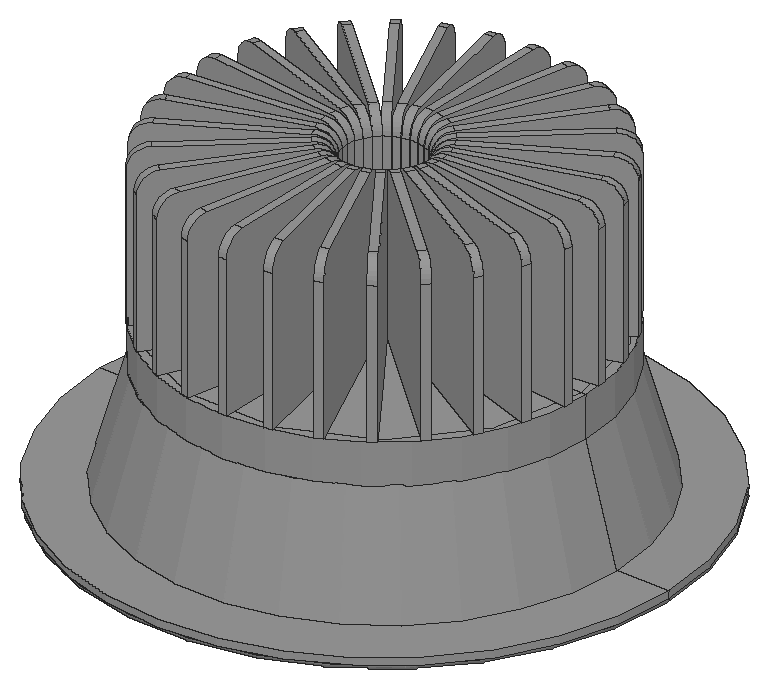
Revit family "WIL2_63_UN_Downlighter_ETK", category Lighting Fixtures, Revit 2017
Family settings
  Round Connector Dimension = Use Diameter
  Part Type = Normal
  OmniClass Number = 23.80.70.11.14.11
  OmniClass Title = Downlights
  Work Plane-Based = No
  Always vertical = Yes
  Cut with Voids When Loaded = No
  Light Source = No
  Shared = No
  Room Calculation Point = Yes
Parameters (values of type "WIL.2403.10 - 18W / 2500lm / 4000K")
  Wattage Comments = "18W"
  Voltage = 230 V
  URL = "https://www.etk.nl/media/wysiwyg/files/WIL.2.pdf"
  Symbol_Waterproof [instance] = no
  Symbol_Emergency Lighting [instance] = no
  Switch Code [instance] = ""
  Model = "WILL.2"
  Manufacturer = "ETK licht B.V."
  Luminaire_Body_Material = PPS Plastic
  Luminaire Code [instance] = ""
  Light Source = WIL.2 - Lightsource : WIL.2403.10 - LED 18W / 2500lm / 4000K
  Lamp = "LED"
  IfcExportType = "USERDEFINED"
  IfcExportAs = "IfcLightFixtureType"
  Description = "Downlighter"
  Copyright © IVLighting = "www.ivlighting.nl"
  Bundle = "70°"
  Assembly Code = "63.0"
  Apparent Load = 18 VA
Reference planes
  plane 1 "Center (Front/Back)": y = 0
  plane 2: z = 0
  plane 3 "Center (Left/Right)": x = 0
Forms (mm)
  Revolve 1, solid, material "PPS Plastic" <- "Luminaire_Body_Material"
    sketch origin (0, 0, 0) x (1, 0, 0) y (0, 0, 1)
      loop
        line (-72.43, 0) -> (-72.43, -1.757)
        arc (-72.43, -1.757) -> (-72.076, -2.612) -> (-71.221, -2.966) r 1.209
        line (-71.221, -2.966) -> (-58.144, -2.966) -> (-58.144, 0) -> (-72.43, 0)
      axis (0, 0) -> (0, -2.966)
    angle from 0 to 360
  Revolve 2, solid, material "PPS Plastic" <- "Luminaire_Body_Material"
    sketch origin (0, 0, 0) x (1, 0, 0) y (0, 0, 1)
      loop
        line (-58.144, 0) -> (-50.587, 26.353) -> (-51.334, 27.511) -> (-59.223, 0) -> (-58.144, 0)
      axis (0, 27.511) -> (0, 0)
    angle from 0 to 360
  Revolve 3, solid, material "PPS Plastic" <- "Luminaire_Body_Material"
    sketch origin (0, 0, 0) x (1, 0, 0) y (0, 0, 1)
      loop
        line (-51.379, 27.353) -> (-50.196, 27.353) -> (-50.196, 36.056) -> (0, 36.056) -> (0, 37.353) -> (-50.196, 37.353) -> (-51.379, 37.353) -> (-51.379, 27.353)
      axis (0, 37.353) -> (0, 27.353)
    angle from 0 to 360
  Extrusion 4, solid, material "PPS Plastic" <- "Luminaire_Body_Material"
    sketch origin (0, 0, 2.151) x (0, 1, 0) y (0, 0, 1)
      loop
        line (46.326, 75.883) -> (14.421, 75.883)
        arc (14.421, 75.883) -> (10.885, 74.419) -> (9.421, 70.883) r 5
        line (9.421, 70.883) -> (9.421, 35.203) -> (51.326, 35.203) -> (51.326, 70.883)
        arc (51.326, 70.883) -> (49.862, 74.419) -> (46.326, 75.883) r 5
    from -1 to 1.018
  Extrusion 5, solid, material "PPS Plastic" <- "Luminaire_Body_Material"
    sketch origin (0, 0, 2.151) x (0.207912, 0.978148, 0) y (0, 0, 1)
      loop
        line (46.326, 75.883) -> (14.421, 75.883)
        arc (14.421, 75.883) -> (10.885, 74.419) -> (9.421, 70.883) r 5
        line (9.421, 70.883) -> (9.421, 35.203) -> (51.326, 35.203) -> (51.326, 70.883)
        arc (51.326, 70.883) -> (49.862, 74.419) -> (46.326, 75.883) r 5
    from -1 to 1.018
  Extrusion 6, solid, material "PPS Plastic" <- "Luminaire_Body_Material"
    sketch origin (0, 0, 2.151) x (0.406737, 0.913545, 0) y (0, 0, 1)
      loop
        line (46.326, 75.883) -> (14.421, 75.883)
        arc (14.421, 75.883) -> (10.885, 74.419) -> (9.421, 70.883) r 5
        line (9.421, 70.883) -> (9.421, 35.203) -> (51.326, 35.203) -> (51.326, 70.883)
        arc (51.326, 70.883) -> (49.862, 74.419) -> (46.326, 75.883) r 5
    from -1 to 1.018
  Extrusion 7, solid, material "PPS Plastic" <- "Luminaire_Body_Material"
    sketch origin (0, 0, 2.151) x (0.587785, 0.809017, 0) y (0, 0, 1)
      loop
        line (46.326, 75.883) -> (14.421, 75.883)
        arc (14.421, 75.883) -> (10.885, 74.419) -> (9.421, 70.883) r 5
        line (9.421, 70.883) -> (9.421, 35.203) -> (51.326, 35.203) -> (51.326, 70.883)
        arc (51.326, 70.883) -> (49.862, 74.419) -> (46.326, 75.883) r 5
    from -1 to 1.018
  Extrusion 8, solid, material "PPS Plastic" <- "Luminaire_Body_Material"
    sketch origin (0, 0, 2.151) x (0.743145, 0.669131, 0) y (0, 0, 1)
      loop
        line (46.326, 75.883) -> (14.421, 75.883)
        arc (14.421, 75.883) -> (10.885, 74.419) -> (9.421, 70.883) r 5
        line (9.421, 70.883) -> (9.421, 35.203) -> (51.326, 35.203) -> (51.326, 70.883)
        arc (51.326, 70.883) -> (49.862, 74.419) -> (46.326, 75.883) r 5
    from -1 to 1.018
  Extrusion 9, solid, material "PPS Plastic" <- "Luminaire_Body_Material"
    sketch origin (0, 0, 2.151) x (0.866025, 0.5, 0) y (0, 0, 1)
      loop
        line (46.326, 75.883) -> (14.421, 75.883)
        arc (14.421, 75.883) -> (10.885, 74.419) -> (9.421, 70.883) r 5
        line (9.421, 70.883) -> (9.421, 35.203) -> (51.326, 35.203) -> (51.326, 70.883)
        arc (51.326, 70.883) -> (49.862, 74.419) -> (46.326, 75.883) r 5
    from -1 to 1.018
  Extrusion 10, solid, material "PPS Plastic" <- "Luminaire_Body_Material"
    sketch origin (0, 0, 2.151) x (0.951057, 0.309017, 0) y (0, 0, 1)
      loop
        line (46.326, 75.883) -> (14.421, 75.883)
        arc (14.421, 75.883) -> (10.885, 74.419) -> (9.421, 70.883) r 5
        line (9.421, 70.883) -> (9.421, 35.203) -> (51.326, 35.203) -> (51.326, 70.883)
        arc (51.326, 70.883) -> (49.862, 74.419) -> (46.326, 75.883) r 5
    from -1 to 1.018
  Extrusion 11, solid, material "PPS Plastic" <- "Luminaire_Body_Material"
    sketch origin (0, 0, 2.151) x (0.994522, 0.104528, 0) y (0, 0, 1)
      loop
        line (46.326, 75.883) -> (14.421, 75.883)
        arc (14.421, 75.883) -> (10.885, 74.419) -> (9.421, 70.883) r 5
        line (9.421, 70.883) -> (9.421, 35.203) -> (51.326, 35.203) -> (51.326, 70.883)
        arc (51.326, 70.883) -> (49.862, 74.419) -> (46.326, 75.883) r 5
    from -1 to 1.018
  Extrusion 12, solid, material "PPS Plastic" <- "Luminaire_Body_Material"
    sketch origin (0, 0, 2.151) x (0.994522, -0.104528, 0) y (0, 0, 1)
      loop
        line (46.326, 75.883) -> (14.421, 75.883)
        arc (14.421, 75.883) -> (10.885, 74.419) -> (9.421, 70.883) r 5
        line (9.421, 70.883) -> (9.421, 35.203) -> (51.326, 35.203) -> (51.326, 70.883)
        arc (51.326, 70.883) -> (49.862, 74.419) -> (46.326, 75.883) r 5
    from -1 to 1.018
  Extrusion 13, solid, material "PPS Plastic" <- "Luminaire_Body_Material"
    sketch origin (0, 0, 2.151) x (0.951057, -0.309017, 0) y (0, 0, 1)
      loop
        line (46.326, 75.883) -> (14.421, 75.883)
        arc (14.421, 75.883) -> (10.885, 74.419) -> (9.421, 70.883) r 5
        line (9.421, 70.883) -> (9.421, 35.203) -> (51.326, 35.203) -> (51.326, 70.883)
        arc (51.326, 70.883) -> (49.862, 74.419) -> (46.326, 75.883) r 5
    from -1 to 1.018
  Extrusion 14, solid, material "PPS Plastic" <- "Luminaire_Body_Material"
    sketch origin (0, 0, 2.151) x (0.866025, -0.5, 0) y (0, 0, 1)
      loop
        line (46.326, 75.883) -> (14.421, 75.883)
        arc (14.421, 75.883) -> (10.885, 74.419) -> (9.421, 70.883) r 5
        line (9.421, 70.883) -> (9.421, 35.203) -> (51.326, 35.203) -> (51.326, 70.883)
        arc (51.326, 70.883) -> (49.862, 74.419) -> (46.326, 75.883) r 5
    from -1 to 1.018
  Extrusion 15, solid, material "PPS Plastic" <- "Luminaire_Body_Material"
    sketch origin (0, 0, 2.151) x (0.743145, -0.669131, 0) y (0, 0, 1)
      loop
        line (46.326, 75.883) -> (14.421, 75.883)
        arc (14.421, 75.883) -> (10.885, 74.419) -> (9.421, 70.883) r 5
        line (9.421, 70.883) -> (9.421, 35.203) -> (51.326, 35.203) -> (51.326, 70.883)
        arc (51.326, 70.883) -> (49.862, 74.419) -> (46.326, 75.883) r 5
    from -1 to 1.018
  Extrusion 16, solid, material "PPS Plastic" <- "Luminaire_Body_Material"
    sketch origin (0, 0, 2.151) x (0.587785, -0.809017, 0) y (0, 0, 1)
      loop
        line (46.326, 75.883) -> (14.421, 75.883)
        arc (14.421, 75.883) -> (10.885, 74.419) -> (9.421, 70.883) r 5
        line (9.421, 70.883) -> (9.421, 35.203) -> (51.326, 35.203) -> (51.326, 70.883)
        arc (51.326, 70.883) -> (49.862, 74.419) -> (46.326, 75.883) r 5
    from -1 to 1.018
  Extrusion 17, solid, material "PPS Plastic" <- "Luminaire_Body_Material"
    sketch origin (0, 0, 2.151) x (0.406737, -0.913545, 0) y (0, 0, 1)
      loop
        line (46.326, 75.883) -> (14.421, 75.883)
        arc (14.421, 75.883) -> (10.885, 74.419) -> (9.421, 70.883) r 5
        line (9.421, 70.883) -> (9.421, 35.203) -> (51.326, 35.203) -> (51.326, 70.883)
        arc (51.326, 70.883) -> (49.862, 74.419) -> (46.326, 75.883) r 5
    from -1 to 1.018
  Extrusion 18, solid, material "PPS Plastic" <- "Luminaire_Body_Material"
    sketch origin (0, 0, 2.151) x (0.207912, -0.978148, 0) y (0, 0, 1)
      loop
        line (46.326, 75.883) -> (14.421, 75.883)
        arc (14.421, 75.883) -> (10.885, 74.419) -> (9.421, 70.883) r 5
        line (9.421, 70.883) -> (9.421, 35.203) -> (51.326, 35.203) -> (51.326, 70.883)
        arc (51.326, 70.883) -> (49.862, 74.419) -> (46.326, 75.883) r 5
    from -1 to 1.018
  Extrusion 19, solid, material "PPS Plastic" <- "Luminaire_Body_Material"
    sketch origin (0, 0, 2.151) x (0, -1, 0) y (0, 0, 1)
      loop
        line (46.326, 75.883) -> (14.421, 75.883)
        arc (14.421, 75.883) -> (10.885, 74.419) -> (9.421, 70.883) r 5
        line (9.421, 70.883) -> (9.421, 35.203) -> (51.326, 35.203) -> (51.326, 70.883)
        arc (51.326, 70.883) -> (49.862, 74.419) -> (46.326, 75.883) r 5
    from -1 to 1.018
  Extrusion 20, solid, material "PPS Plastic" <- "Luminaire_Body_Material"
    sketch origin (0, 0, 2.151) x (-0.207912, -0.978148, 0) y (0, 0, 1)
      loop
        line (46.326, 75.883) -> (14.421, 75.883)
        arc (14.421, 75.883) -> (10.885, 74.419) -> (9.421, 70.883) r 5
        line (9.421, 70.883) -> (9.421, 35.203) -> (51.326, 35.203) -> (51.326, 70.883)
        arc (51.326, 70.883) -> (49.862, 74.419) -> (46.326, 75.883) r 5
    from -1 to 1.018
  Extrusion 21, solid, material "PPS Plastic" <- "Luminaire_Body_Material"
    sketch origin (0, 0, 2.151) x (-0.406737, -0.913545, 0) y (0, 0, 1)
      loop
        line (46.326, 75.883) -> (14.421, 75.883)
        arc (14.421, 75.883) -> (10.885, 74.419) -> (9.421, 70.883) r 5
        line (9.421, 70.883) -> (9.421, 35.203) -> (51.326, 35.203) -> (51.326, 70.883)
        arc (51.326, 70.883) -> (49.862, 74.419) -> (46.326, 75.883) r 5
    from -1 to 1.018
  Extrusion 22, solid, material "PPS Plastic" <- "Luminaire_Body_Material"
    sketch origin (0, 0, 2.151) x (-0.587785, -0.809017, 0) y (0, 0, 1)
      loop
        line (46.326, 75.883) -> (14.421, 75.883)
        arc (14.421, 75.883) -> (10.885, 74.419) -> (9.421, 70.883) r 5
        line (9.421, 70.883) -> (9.421, 35.203) -> (51.326, 35.203) -> (51.326, 70.883)
        arc (51.326, 70.883) -> (49.862, 74.419) -> (46.326, 75.883) r 5
    from -1 to 1.018
  Extrusion 23, solid, material "PPS Plastic" <- "Luminaire_Body_Material"
    sketch origin (0, 0, 2.151) x (-0.743145, -0.669131, 0) y (0, 0, 1)
      loop
        line (46.326, 75.883) -> (14.421, 75.883)
        arc (14.421, 75.883) -> (10.885, 74.419) -> (9.421, 70.883) r 5
        line (9.421, 70.883) -> (9.421, 35.203) -> (51.326, 35.203) -> (51.326, 70.883)
        arc (51.326, 70.883) -> (49.862, 74.419) -> (46.326, 75.883) r 5
    from -1 to 1.018
  Extrusion 24, solid, material "PPS Plastic" <- "Luminaire_Body_Material"
    sketch origin (0, 0, 2.151) x (-0.866025, -0.5, 0) y (0, 0, 1)
      loop
        line (46.326, 75.883) -> (14.421, 75.883)
        arc (14.421, 75.883) -> (10.885, 74.419) -> (9.421, 70.883) r 5
        line (9.421, 70.883) -> (9.421, 35.203) -> (51.326, 35.203) -> (51.326, 70.883)
        arc (51.326, 70.883) -> (49.862, 74.419) -> (46.326, 75.883) r 5
    from -1 to 1.018
  Extrusion 25, solid, material "PPS Plastic" <- "Luminaire_Body_Material"
    sketch origin (0, 0, 2.151) x (-0.951057, -0.309017, 0) y (0, 0, 1)
      loop
        line (46.326, 75.883) -> (14.421, 75.883)
        arc (14.421, 75.883) -> (10.885, 74.419) -> (9.421, 70.883) r 5
        line (9.421, 70.883) -> (9.421, 35.203) -> (51.326, 35.203) -> (51.326, 70.883)
        arc (51.326, 70.883) -> (49.862, 74.419) -> (46.326, 75.883) r 5
    from -1 to 1.018
  Extrusion 26, solid, material "PPS Plastic" <- "Luminaire_Body_Material"
    sketch origin (0, 0, 2.151) x (-0.994522, -0.104528, 0) y (0, 0, 1)
      loop
        line (46.326, 75.883) -> (14.421, 75.883)
        arc (14.421, 75.883) -> (10.885, 74.419) -> (9.421, 70.883) r 5
        line (9.421, 70.883) -> (9.421, 35.203) -> (51.326, 35.203) -> (51.326, 70.883)
        arc (51.326, 70.883) -> (49.862, 74.419) -> (46.326, 75.883) r 5
    from -1 to 1.018
  Extrusion 27, solid, material "PPS Plastic" <- "Luminaire_Body_Material"
    sketch origin (0, 0, 2.151) x (-0.994522, 0.104528, 0) y (0, 0, 1)
      loop
        line (46.326, 75.883) -> (14.421, 75.883)
        arc (14.421, 75.883) -> (10.885, 74.419) -> (9.421, 70.883) r 5
        line (9.421, 70.883) -> (9.421, 35.203) -> (51.326, 35.203) -> (51.326, 70.883)
        arc (51.326, 70.883) -> (49.862, 74.419) -> (46.326, 75.883) r 5
    from -1 to 1.018
  Extrusion 28, solid, material "PPS Plastic" <- "Luminaire_Body_Material"
    sketch origin (0, 0, 2.151) x (-0.951057, 0.309017, 0) y (0, 0, 1)
      loop
        line (46.326, 75.883) -> (14.421, 75.883)
        arc (14.421, 75.883) -> (10.885, 74.419) -> (9.421, 70.883) r 5
        line (9.421, 70.883) -> (9.421, 35.203) -> (51.326, 35.203) -> (51.326, 70.883)
        arc (51.326, 70.883) -> (49.862, 74.419) -> (46.326, 75.883) r 5
    from -1 to 1.018
  Extrusion 29, solid, material "PPS Plastic" <- "Luminaire_Body_Material"
    sketch origin (0, 0, 2.151) x (-0.866025, 0.5, 0) y (0, 0, 1)
      loop
        line (46.326, 75.883) -> (14.421, 75.883)
        arc (14.421, 75.883) -> (10.885, 74.419) -> (9.421, 70.883) r 5
        line (9.421, 70.883) -> (9.421, 35.203) -> (51.326, 35.203) -> (51.326, 70.883)
        arc (51.326, 70.883) -> (49.862, 74.419) -> (46.326, 75.883) r 5
    from -1 to 1.018
  Extrusion 30, solid, material "PPS Plastic" <- "Luminaire_Body_Material"
    sketch origin (0, 0, 2.151) x (-0.743145, 0.669131, 0) y (0, 0, 1)
      loop
        line (46.326, 75.883) -> (14.421, 75.883)
        arc (14.421, 75.883) -> (10.885, 74.419) -> (9.421, 70.883) r 5
        line (9.421, 70.883) -> (9.421, 35.203) -> (51.326, 35.203) -> (51.326, 70.883)
        arc (51.326, 70.883) -> (49.862, 74.419) -> (46.326, 75.883) r 5
    from -1 to 1.018
  Extrusion 31, solid, material "PPS Plastic" <- "Luminaire_Body_Material"
    sketch origin (0, 0, 2.151) x (-0.587785, 0.809017, 0) y (0, 0, 1)
      loop
        line (46.326, 75.883) -> (14.421, 75.883)
        arc (14.421, 75.883) -> (10.885, 74.419) -> (9.421, 70.883) r 5
        line (9.421, 70.883) -> (9.421, 35.203) -> (51.326, 35.203) -> (51.326, 70.883)
        arc (51.326, 70.883) -> (49.862, 74.419) -> (46.326, 75.883) r 5
    from -1 to 1.018
  Extrusion 32, solid, material "PPS Plastic" <- "Luminaire_Body_Material"
    sketch origin (0, 0, 2.151) x (-0.406737, 0.913545, 0) y (0, 0, 1)
      loop
        line (46.326, 75.883) -> (14.421, 75.883)
        arc (14.421, 75.883) -> (10.885, 74.419) -> (9.421, 70.883) r 5
        line (9.421, 70.883) -> (9.421, 35.203) -> (51.326, 35.203) -> (51.326, 70.883)
        arc (51.326, 70.883) -> (49.862, 74.419) -> (46.326, 75.883) r 5
    from -1 to 1.018
  Extrusion 33, solid, material "PPS Plastic" <- "Luminaire_Body_Material"
    sketch origin (0, 0, 2.151) x (-0.207912, 0.978148, 0) y (0, 0, 1)
      loop
        line (46.326, 75.883) -> (14.421, 75.883)
        arc (14.421, 75.883) -> (10.885, 74.419) -> (9.421, 70.883) r 5
        line (9.421, 70.883) -> (9.421, 35.203) -> (51.326, 35.203) -> (51.326, 70.883)
        arc (51.326, 70.883) -> (49.862, 74.419) -> (46.326, 75.883) r 5
    from -1 to 1.018
  Revolve 34, solid, material "Glass, White, High Luminance"
    sketch origin (0, 0, 0) x (1, 0, 0) y (0, 0, 1)
      loop
        line (-50.587, 26.353) -> (-15.861, 35.899) -> (0, 35.899) -> (0, 36.856) -> (-15.391, 36.856) -> (-50.587, 28.08) -> (-50.587, 26.353)
      axis (0, 36.856) -> (0, 26.353)
    angle from 0 to 360
Dimensions and locks
  aligned and locked: level to plane 2
Nested families
  nested 1: "WIL.2 Light_Symbol_IVL " at (0, 0, 0), type "Lighting Fixture - Round"
  nested 2: "WIL.2 - Lightsource" at (0, 0, 0), type <- "Light Source", type "WIL.2403.10 - LED 18W / 2500lm / 4000K"
Connectors
  electrical at (0, 0, 36.056), driven by "Apparent Load", driven by "Voltage"
    settings: on Revolve 3, index 1, voltage 230 V, apparent load 0 VA, apparent load phase1 18 VA, apparent load phase2 0 VA, apparent load phase3 0 VA, power factor 1, load classification "Lighting", number of poles 1, system type 31, power factor state 1, is connector primary yes, connector utility no, sub classification motor no, connector description ""
Definition of nested family "WIL.2 Light_Symbol_IVL "
  Parameters (values of type "Lighting Fixture - Round")
    Waterproof = no
    Lighting Fixture = yes
    Emergency Lighting = no
  Types (3, lengths in mm): name | Waterproof | Emergency Lighting
    Lighting Fixture - Round | no | no
    Lighting Fixture Round - Emergency Lighting | no | yes
    Lighting Fixture Round - Waterproof | yes | no
  Reference planes
    plane 1: y = 0
    plane 2: x = 0
  Lines and regions (mm)
    Filled region 1, type "Emergency Lighting", visible <- "Waterproof"
      outline origin (5.15, 1.04, 0) x (1, 0, 0) y (0, 1, 0)
        loop
          arc (-5.907, -1.34) -> (-5.15, -1.854) -> (-4.393, -1.34) r 0.814
          line (-4.393, -1.34) -> (-5.907, -1.34)
    Filled region 2, type "Emergency Lighting", visible <- "Emergency Lighting"
      outline origin (-5.15, 1.04, 0) x (0, 1, 0) y (-1, 0, 0)
        loop
          line (-1.04, -5.15) -> (-1.616, -5.726)
          arc (-1.616, -5.726) -> (-1.04, -5.964) -> (-0.465, -5.726) r 0.814
          line (-0.465, -5.726) -> (-1.04, -5.15)
    Filled region 3, type "Emergency Lighting", visible <- "Emergency Lighting"
      outline origin (5.15, 1.04, 0) x (1, 0, 0) y (0, 1, 0)
        loop
          line (-5.15, -1.04) -> (-5.726, -0.465)
          arc (-5.726, -0.465) -> (-5.964, -1.04) -> (-5.726, -1.616) r 0.814
          line (-5.726, -1.616) -> (-5.15, -1.04)
    detail lines, visible <- "Lighting Fixture"
      curve 1: circle (0, 0, 0) r 0.814 normal (0, 0, 1)
    detail lines, not visible
      curve 2: line (0.757, -0.3, 0) -> (-0.757, -0.3, 0)
    detail lines, visible <- "Waterproof"
      curve 3: circle (0, 0, 0) r 0.814 normal (0, 0, 1)
    detail lines, visible <- "Emergency Lighting"
      curve 4: circle (0, 0, 0) r 0.814 normal (0, 0, 1)
Definition of nested family "WIL.2 - Lightsource"
  Parameters (values of type "WIL.2100.10 - LED 13W / 1980lm / 3000K")
    Wattage Comments = "13W"
    Wattage = 13.3296 W
    built-in parameter 1150110 = 1 (stored number, unit not read)
    URL = "https://www.etk.nl/media/wysiwyg/files/WIL.2.pdf"
    built-in parameter 1114217 = 1 (stored number, unit not read)
    Tilt Angle = 90.00°
    built-in parameter 1150109 = 1 (stored number, unit not read)
    built-in parameter 1150134 = (empty or 0)
    built-in parameter 1150113 = 1 (stored number, unit not read)
    Photometric Web File = "WIL.2100.10.ies"
    built-in parameter 1150142 = "IESNA:LM-63-2002\r\n[TEST] /2016\r\n[TESTLAB] ies2eulumdat.appspot.com\r\n[ISSUEDATE] 2020-11-13T14:06:30.776\r\n[MANUFAC] www.etk.nl\r\n[LUMCAT] WIL.2100.10\r\n[LUMINAIRE] WIL.2 LED 13W 3000K helder wit Ø145 IP43\r\n[LAMPCAT] LED\r\n[LAMP] LED\r\nTILT=NONE\r\n1\t1467\t1\t19\t72\t1\t2\t-0.088\t-0.088\t0.001\r\n1.0\t1.0\t13.00\r\n0\t 5\t 10\t 15\t 20\t 25\t 30\t 35\t 40\t 45\r\n50\t 55\t 60\t 65\t 70\t 75\t 80\t 85\t 90\r\n0\t 5\t 10\t 15\t 20\t 25\t 30\t 35\t 40\t 45\r\n50\t 55\t 60\t 65\t 70\t 75\t 80\t 85\t 90\t 95\r\n100\t 105\t 110\t 115\t 120\t 125\t 130\t 135\t 140\t 145\r\n150\t 155\t 160\t 165\t 170\t 175\t 180\t 185\t 190\t 195\r\n200\t 205\t 210\t 215\t 220\t 225\t 230\t 235\t 240\t 245\r\n250\t 255\t 260\t 265\t 270\t 275\t 280\t 285\t 290\t 295\r\n300\t 305\t 310\t 315\t 320\t 325\t 330\t 335\t 340\t 345\r\n350\t 355\r\n1282.4807\t1264.8767\t1210.7591\t1103.8148\t963.2322\t875.5349\t715.7933\t597.6705\t473.4889\t211.248\r\n40.6506\t34.0051\t26.6407\t17.2666\t16.4451\t12.2788\t12.1468\t6.7189\t0.3374\r\n1282.4807\t1264.5393\t1209.4388\t1102.4945\t961.2518\t873.2171\t716.7469\t598.668\t475.2053\t216.5292\r\n40.6212\t34.0051\t27.0662\t18.0881\t16.9145\t12.2788\t12.5722\t7.1443\t0.3374\r\n1282.4807\t1264.1432\t1208.984\t1101.5263\t960.9143\t871.1926\t717.7151\t602.2035\t477.3178\t223.0427\r\n41.0907\t33.9904\t27.5063\t18.0881\t16.8558\t12.6309\t11.692\t7.1443\t0.3374\r\n1282.4807\t1264.5393\t1209.4975\t1101.0128\t960.0488\t871.9555\t719.4901\t606.0617\t480.0171\t228.7346\r\n41.0467\t34.4452\t27.873\t18.4402\t16.4451\t12.6896\t11.692\t7.1443\t0.3374\r\n1282.4807\t1264.4366\t1208.6466\t1099.1938\t959.7114\t871.9115\t721.3386\t608.9224\t479.5476\t231.566\r\n41.4868\t34.4012\t27.4329\t18.0294\t16.9145\t12.6309\t12.5722\t7.5991\t0.3374\r\n1282.4807\t1264.1579\t1209.0867\t1099.6925\t958.9192\t872.9677\t724.4633\t611.783\t480.0611\t235.1894\r\n41.4868\t35.296\t27.7996\t18.0294\t16.8558\t13.0563\t12.5135\t7.1443\t0.3374\r\n1282.4807\t1264.4807\t1209.1454\t1099.1938\t960.2835\t874.7574\t725.8569\t614.3209\t480.5012\t239.3117\r\n41.9562\t35.296\t28.6652\t18.851\t17.8681\t13.0563\t12.5722\t7.5697\t0.3374\r\n1282.4807\t1264.5393\t1207.7811\t1099.3551\t959.8434\t875.1095\t727.7787\t615.3772\t481.8655\t245.4144\r\n42.3963\t36.1469\t29.1053\t18.851\t17.8094\t13.0563\t12.5722\t7.511\t0.3374\r\n1282.4807\t1264.6127\t1206.9009\t1098.8564\t960.6209\t877.4567\t729.1137\t615.0691\t481.8655\t249.8301\r\n42.8364\t36.587\t30.3376\t19.203\t16.8558\t13.0416\t12.9683\t7.5697\t0.3374\r\n1282.4807\t1264.5833\t1206.9742\t1098.8564\t961.4425\t878.8944\t729.1137\t615.1278\t482.731\t253.5123\r\n43.3058\t36.587\t30.3376\t19.2617\t17.3399\t13.4671\t12.5135\t7.1443\t0.3374\r\n1282.4807\t1264.5393\t1206.5635\t1097.9468\t959.9021\t878.5716\t729.5538\t614.673\t484.8728\t258.7641\r\n43.7019\t37.4378\t30.7043\t19.203\t17.7507\t13.4671\t12.9976\t7.1443\t0.3374\r\n1282.4807\t1264.5393\t1205.654\t1097.448\t959.1099\t879.6425\t730.8887\t616.5361\t487.0147\t264.4561\r\n43.7019\t37.8779\t31.1297\t19.6138\t17.8094\t13.8631\t12.9536\t7.1443\t0.2494\r\n1282.4807\t1265.0528\t1206.1087\t1097.536\t959.8434\t881.3149\t733.1333\t616.7855\t487.4548\t266.9207\r\n44.6115\t37.922\t31.5698\t19.6138\t17.8094\t13.8631\t13.3937\t7.5697\t0.3374\r\n1282.4807\t1265.0528\t1205.2579\t1097.0226\t961.8386\t880.9775\t733.9548\t617.5336\t487.8802\t270.1921\r\n44.6115\t37.8779\t31.5698\t19.6138\t18.2788\t13.4671\t13.3937\t7.511\t0.3374\r\n1282.4807\t1264.6127\t1203.9376\t1096.1277\t961.0904\t881.6963\t735.7445\t617.9004\t487.3961\t272.5539\r\n44.6115\t38.7728\t31.9953\t20.0246\t18.2788\t13.4671\t13.3937\t7.9658\t0.3374\r\n1282.4807\t1264.642\t1204.3337\t1096.1277\t960.6943\t883.6915\t736.2433\t616.4334\t486.9707\t275.8253\r\n45.0076\t38.318\t32.362\t19.9659\t18.2788\t13.4671\t13.3937\t7.9658\t0.3374\r\n1282.4807\t1266.2411\t1203.9962\t1094.7341\t959.9608\t883.6328\t735.2311\t615.0104\t485.6797\t275.7667\r\n45.0076\t39.1689\t31.9366\t20.0246\t18.2788\t13.4671\t13.7751\t7.9658\t0.3374\r\n1282.4807\t1265.3902\t1202.2065\t1092.4309\t959.9608\t884.645\t734.8496\t613.9542\t485.6357\t276.5588\r\n45.0076\t38.7141\t32.362\t20.0246\t18.7483\t14.2886\t13.8191\t7.9658\t0.3374\r\n1282.4807\t1267.0919\t1201.8544\t1091.6094\t959.6234\t884.3076\t733.4413\t613.2647\t484.8288\t276.1774\r\n45.9171\t38.7288\t31.9366\t20.4353\t18.7483\t14.2886\t13.7751\t7.9658\t0.3374\r\n1282.4807\t1265.3902\t1202.2065\t1092.4309\t959.9608\t884.645\t734.8496\t613.9542\t485.6357\t276.5588\r\n45.0076\t38.7141\t32.362\t20.0246\t18.7483\t14.2886\t13.8191\t7.9658\t0.3374\r\n1282.4807\t1266.2411\t1203.9962\t1094.7341\t959.9608\t883.6328\t735.2311\t615.0104\t485.6797\t275.7667\r\n45.0076\t39.1689\t31.9366\t20.0246\t18.2788\t13.4671\t13.7751\t7.9658\t0.3374\r\n1282.4807\t1264.642\t1204.3337\t1096.1277\t960.6943\t883.6915\t736.2433\t616.4334\t486.9707\t275.8253\r\n45.0076\t38.318\t32.362\t19.9659\t18.2788\t13.4671\t13.3937\t7.9658\t0.3374\r\n1282.4807\t1264.6127\t1203.9376\t1096.1277\t961.0904\t881.6963\t735.7445\t617.9004\t487.3961\t272.5539\r\n44.6115\t38.7728\t31.9953\t20.0246\t18.2788\t13.4671\t13.3937\t7.9658\t0.3374\r\n1282.4807\t1265.0528\t1205.2579\t1097.0226\t961.8386\t880.9775\t733.9548\t617.5336\t487.8802\t270.1921\r\n44.6115\t37.8779\t31.5698\t19.6138\t18.2788\t13.4671\t13.3937\t7.511\t0.3374\r\n1282.4807\t1265.0528\t1206.1087\t1097.536\t959.8434\t881.3149\t733.1333\t616.7855\t487.4548\t266.9207\r\n44.6115\t37.922\t31.5698\t19.6138\t17.8094\t13.8631\t13.3937\t7.5697\t0.3374\r\n1282.4807\t1264.5393\t1205.654\t1097.448\t959.1099\t879.6425\t730.8887\t616.5361\t487.0147\t264.4561\r\n43.7019\t37.8779\t31.1297\t19.6138\t17.8094\t13.8631\t12.9536\t7.1443\t0.2494\r\n1282.4807\t1264.5393\t1206.5635\t1097.9468\t959.9021\t878.5716\t729.5538\t614.673\t484.8728\t258.7641\r\n43.7019\t37.4378\t30.7043\t19.203\t17.7507\t13.4671\t12.9976\t7.1443\t0.3374\r\n1282.4807\t1264.5833\t1206.9742\t1098.8564\t961.4425\t878.8944\t729.1137\t615.1278\t482.731\t253.5123\r\n43.3058\t36.587\t30.3376\t19.2617\t17.3399\t13.4671\t12.5135\t7.1443\t0.3374\r\n1282.4807\t1264.6127\t1206.9009\t1098.8564\t960.6209\t877.4567\t729.1137\t615.0691\t481.8655\t249.8301\r\n42.8364\t36.587\t30.3376\t19.203\t16.8558\t13.0416\t12.9683\t7.5697\t0.3374\r\n1282.4807\t1264.5393\t1207.7811\t1099.3551\t959.8434\t875.1095\t727.7787\t615.3772\t481.8655\t245.4144\r\n42.3963\t36.1469\t29.1053\t18.851\t17.8094\t13.0563\t12.5722\t7.511\t0.3374\r\n1282.4807\t1264.4807\t1209.1454\t1099.1938\t960.2835\t874.7574\t725.8569\t614.3209\t480.5012\t239.3117\r\n41.9562\t35.296\t28.6652\t18.851\t17.8681\t13.0563\t12.5722\t7.5697\t0.3374\r\n1282.4807\t1264.1579\t1209.0867\t1099.6925\t958.9192\t872.9677\t724.4633\t611.783\t480.0611\t235.1894\r\n41.4868\t35.296\t27.7996\t18.0294\t16.8558\t13.0563\t12.5135\t7.1443\t0.3374\r\n1282.4807\t1264.4366\t1208.6466\t1099.1938\t959.7114\t871.9115\t721.3386\t608.9224\t479.5476\t231.566\r\n41.4868\t34.4012\t27.4329\t18.0294\t16.9145\t12.6309\t12.5722\t7.5991\t0.3374\r\n1282.4807\t1264.5393\t1209.4975\t1101.0128\t960.0488\t871.9555\t719.4901\t606.0617\t480.0171\t228.7346\r\n41.0467\t34.4452\t27.873\t18.4402\t16.4451\t12.6896\t11.692\t7.1443\t0.3374\r\n1282.4807\t1264.1432\t1208.984\t1101.5263\t960.9143\t871.1926\t717.7151\t602.2035\t477.3178\t223.0427\r\n41.0907\t33.9904\t27.5063\t18.0881\t16.8558\t12.6309\t11.692\t7.1443\t0.3374\r\n1282.4807\t1264.5393\t1209.4388\t1102.4945\t961.2518\t873.2171\t716.7469\t598.668\t475.2053\t216.5292\r\n40.6212\t34.0051\t27.0662\t18.0881\t16.9145\t12.2788\t12.5722\t7.1443\t0.3374\r\n1282.4807\t1264.8767\t1210.7591\t1103.8148\t963.2322\t875.5349\t715.7933\t597.6705\t473.4889\t211.248\r\n40.6506\t34.0051\t26.6407\t17.2666\t16.4451\t12.2788\t12.1468\t6.7189\t0.3374\r\n1282.4807\t1264.5393\t1209.4388\t1102.4945\t961.2518\t873.2171\t716.7469\t598.668\t475.2053\t216.5292\r\n40.6212\t34.0051\t27.0662\t18.0881\t16.9145\t12.2788\t12.5722\t7.1443\t0.3374\r\n1282.4807\t1264.1432\t1208.984\t1101.5263\t960.9143\t871.1926\t717.7151\t602.2035\t477.3178\t223.0427\r\n41.0907\t33.9904\t27.5063\t18.0881\t16.8558\t12.6309\t11.692\t7.1443\t0.3374\r\n1282.4807\t1264.5393\t1209.4975\t1101.0128\t960.0488\t871.9555\t719.4901\t606.0617\t480.0171\t228.7346\r\n41.0467\t34.4452\t27.873\t18.4402\t16.4451\t12.6896\t11.692\t7.1443\t0.3374\r\n1282.4807\t1264.4366\t1208.6466\t1099.1938\t959.7114\t871.9115\t721.3386\t608.9224\t479.5476\t231.566\r\n41.4868\t34.4012\t27.4329\t18.0294\t16.9145\t12.6309\t12.5722\t7.5991\t0.3374\r\n1282.4807\t1264.1579\t1209.0867\t1099.6925\t958.9192\t872.9677\t724.4633\t611.783\t480.0611\t235.1894\r\n41.4868\t35.296\t27.7996\t18.0294\t16.8558\t13.0563\t12.5135\t7.1443\t0.3374\r\n1282.4807\t1264.4807\t1209.1454\t1099.1938\t960.2835\t874.7574\t725.8569\t614.3209\t480.5012\t239.3117\r\n41.9562\t35.296\t28.6652\t18.851\t17.8681\t13.0563\t12.5722\t7.5697\t0.3374\r\n1282.4807\t1264.5393\t1207.7811\t1099.3551\t959.8434\t875.1095\t727.7787\t615.3772\t481.8655\t245.4144\r\n42.3963\t36.1469\t29.1053\t18.851\t17.8094\t13.0563\t12.5722\t7.511\t0.3374\r\n1282.4807\t1264.6127\t1206.9009\t1098.8564\t960.6209\t877.4567\t729.1137\t615.0691\t481.8655\t249.8301\r\n42.8364\t36.587\t30.3376\t19.203\t16.8558\t13.0416\t12.9683\t7.5697\t0.3374\r\n1282.4807\t1264.5833\t1206.9742\t1098.8564\t961.4425\t878.8944\t729.1137\t615.1278\t482.731\t253.5123\r\n43.3058\t36.587\t30.3376\t19.2617\t17.3399\t13.4671\t12.5135\t7.1443\t0.3374\r\n1282.4807\t1264.5393\t1206.5635\t1097.9468\t959.9021\t878.5716\t729.5538\t614.673\t484.8728\t258.7641\r\n43.7019\t37.4378\t30.7043\t19.203\t17.7507\t13.4671\t12.9976\t7.1443\t0.3374\r\n1282.4807\t1264.5393\t1205.654\t1097.448\t959.1099\t879.6425\t730.8887\t616.5361\t487.0147\t264.4561\r\n43.7019\t37.8779\t31.1297\t19.6138\t17.8094\t13.8631\t12.9536\t7.1443\t0.2494\r\n1282.4807\t1265.0528\t1206.1087\t1097.536\t959.8434\t881.3149\t733.1333\t616.7855\t487.4548\t266.9207\r\n44.6115\t37.922\t31.5698\t19.6138\t17.8094\t13.8631\t13.3937\t7.5697\t0.3374\r\n1282.4807\t1265.0528\t1205.2579\t1097.0226\t961.8386\t880.9775\t733.9548\t617.5336\t487.8802\t270.1921\r\n44.6115\t37.8779\t31.5698\t19.6138\t18.2788\t13.4671\t13.3937\t7.511\t0.3374\r\n1282.4807\t1264.6127\t1203.9376\t1096.1277\t961.0904\t881.6963\t735.7445\t617.9004\t487.3961\t272.5539\r\n44.6115\t38.7728\t31.9953\t20.0246\t18.2788\t13.4671\t13.3937\t7.9658\t0.3374\r\n1282.4807\t1264.642\t1204.3337\t1096.1277\t960.6943\t883.6915\t736.2433\t616.4334\t486.9707\t275.8253\r\n45.0076\t38.318\t32.362\t19.9659\t18.2788\t13.4671\t13.3937\t7.9658\t0.3374\r\n1282.4807\t1266.2411\t1203.9962\t1094.7341\t959.9608\t883.6328\t735.2311\t615.0104\t485.6797\t275.7667\r\n45.0076\t39.1689\t31.9366\t20.0246\t18.2788\t13.4671\t13.7751\t7.9658\t0.3374\r\n1282.4807\t1265.3902\t1202.2065\t1092.4309\t959.9608\t884.645\t734.8496\t613.9542\t485.6357\t276.5588\r\n45.0076\t38.7141\t32.362\t20.0246\t18.7483\t14.2886\t13.8191\t7.9658\t0.3374\r\n1282.4807\t1267.0919\t1201.8544\t1091.6094\t959.6234\t884.3076\t733.4413\t613.2647\t484.8288\t276.1774\r\n45.9171\t38.7288\t31.9366\t20.4353\t18.7483\t14.2886\t13.7751\t7.9658\t0.3374\r\n1282.4807\t1265.3902\t1202.2065\t1092.4309\t959.9608\t884.645\t734.8496\t613.9542\t485.6357\t276.5588\r\n45.0076\t38.7141\t32.362\t20.0246\t18.7483\t14.2886\t13.8191\t7.9658\t0.3374\r\n1282.4807\t1266.2411\t1203.9962\t1094.7341\t959.9608\t883.6328\t735.2311\t615.0104\t485.6797\t275.7667\r\n45.0076\t39.1689\t31.9366\t20.0246\t18.2788\t13.4671\t13.7751\t7.9658\t0.3374\r\n1282.4807\t1264.642\t1204.3337\t1096.1277\t960.6943\t883.6915\t736.2433\t616.4334\t486.9707\t275.8253\r\n45.0076\t38.318\t32.362\t19.9659\t18.2788\t13.4671\t13.3937\t7.9658\t0.3374\r\n1282.4807\t1264.6127\t1203.9376\t1096.1277\t961.0904\t881.6963\t735.7445\t617.9004\t487.3961\t272.5539\r\n44.6115\t38.7728\t31.9953\t20.0246\t18.2788\t13.4671\t13.3937\t7.9658\t0.3374\r\n1282.4807\t1265.0528\t1205.2579\t1097.0226\t961.8386\t880.9775\t733.9548\t617.5336\t487.8802\t270.1921\r\n44.6115\t37.8779\t31.5698\t19.6138\t18.2788\t13.4671\t13.3937\t7.511\t0.3374\r\n1282.4807\t1265.0528\t1206.1087\t1097.536\t959.8434\t881.3149\t733.1333\t616.7855\t487.4548\t266.9207\r\n44.6115\t37.922\t31.5698\t19.6138\t17.8094\t13.8631\t13.3937\t7.5697\t0.3374\r\n1282.4807\t1264.5393\t1205.654\t1097.448\t959.1099\t879.6425\t730.8887\t616.5361\t487.0147\t264.4561\r\n43.7019\t37.8779\t31.1297\t19.6138\t17.8094\t13.8631\t12.9536\t7.1443\t0.2494\r\n1282.4807\t1264.5393\t1206.5635\t1097.9468\t959.9021\t878.5716\t729.5538\t614.673\t484.8728\t258.7641\r\n43.7019\t37.4378\t30.7043\t19.203\t17.7507\t13.4671\t12.9976\t7.1443\t0.3374\r\n1282.4807\t1264.5833\t1206.9742\t1098.8564\t961.4425\t878.8944\t729.1137\t615.1278\t482.731\t253.5123\r\n43.3058\t36.587\t30.3376\t19.2617\t17.3399\t13.4671\t12.5135\t7.1443\t0.3374\r\n1282.4807\t1264.6127\t1206.9009\t1098.8564\t960.6209\t877.4567\t729.1137\t615.0691\t481.8655\t249.8301\r\n42.8364\t36.587\t30.3376\t19.203\t16.8558\t13.0416\t12.9683\t7.5697\t0.3374\r\n1282.4807\t1264.5393\t1207.7811\t1099.3551\t959.8434\t875.1095\t727.7787\t615.3772\t481.8655\t245.4144\r\n42.3963\t36.1469\t29.1053\t18.851\t17.8094\t13.0563\t12.5722\t7.511\t0.3374\r\n1282.4807\t1264.4807\t1209.1454\t1099.1938\t960.2835\t874.7574\t725.8569\t614.3209\t480.5012\t239.3117\r\n41.9562\t35.296\t28.6652\t18.851\t17.8681\t13.0563\t12.5722\t7.5697\t0.3374\r\n1282.4807\t1264.1579\t1209.0867\t1099.6925\t958.9192\t872.9677\t724.4633\t611.783\t480.0611\t235.1894\r\n41.4868\t35.296\t27.7996\t18.0294\t16.8558\t13.0563\t12.5135\t7.1443\t0.3374\r\n1282.4807\t1264.4366\t1208.6466\t1099.1938\t959.7114\t871.9115\t721.3386\t608.9224\t479.5476\t231.566\r\n41.4868\t34.4012\t27.4329\t18.0294\t16.9145\t12.6309\t12.5722\t7.5991\t0.3374\r\n1282.4807\t1264.5393\t1209.4975\t1101.0128\t960.0488\t871.9555\t719.4901\t606.0617\t480.0171\t228.7346\r\n41.0467\t34.4452\t27.873\t18.4402\t16.4451\t12.6896\t11.692\t7.1443\t0.3374\r\n1282.4807\t1264.1432\t1208.984\t1101.5263\t960.9143\t871.1926\t717.7151\t602.2035\t477.3178\t223.0427\r\n41.0907\t33.9904\t27.5063\t18.0881\t16.8558\t12.6309\t11.692\t7.1443\t0.3374\r\n1282.4807\t1264.5393\t1209.4388\t1102.4945\t961.2518\t873.2171\t716.7469\t598.668\t475.2053\t216.5292\r\n40.6212\t34.0051\t27.0662\t18.0881\t16.9145\t12.2788\t12.5722\t7.1443\t0.3374"
    Model = "WIL.2"
    Manufacturer = "ETK B.V."
    built-in parameter 1150105 = 3282 (stored number, unit not read)
    Lumens = 1980 lm
    built-in parameter 1150115 = 1 (stored number, unit not read)
    built-in parameter 1150137 = (empty or 0)
    built-in parameter 1150139 = (empty or 0)
    built-in parameter 1150112 = 1 (stored number, unit not read)
    built-in parameter 1150114 = 1 (stored number, unit not read)
    Lamp = "LED"
    built-in parameter 1150132 = 2
    built-in parameter 1150102 = (empty or 0)
    built-in parameter 1150107 = 3000 (stored number, unit not read)
    built-in parameter 1150138 = (empty or 0)
    built-in parameter 1150106 = 32.82 (stored number, unit not read)
    built-in parameter 1150104 = 13.8 (stored number, unit not read)
    Dimming Lamp Color Temperature Shift = (empty or 0)
    Description = "Light sources"
    Copyright © IVLighting = "www.ivlighting.nl"
    Color Filter = 16777215
    Bundle = "70°"
    built-in parameter 1114218 = 1 (stored number, unit not read)
    built-in parameter 1150133 = 10 (stored number, unit not read)
    Assembly Code = "63.0"
    Apparent Load = 13 VA
